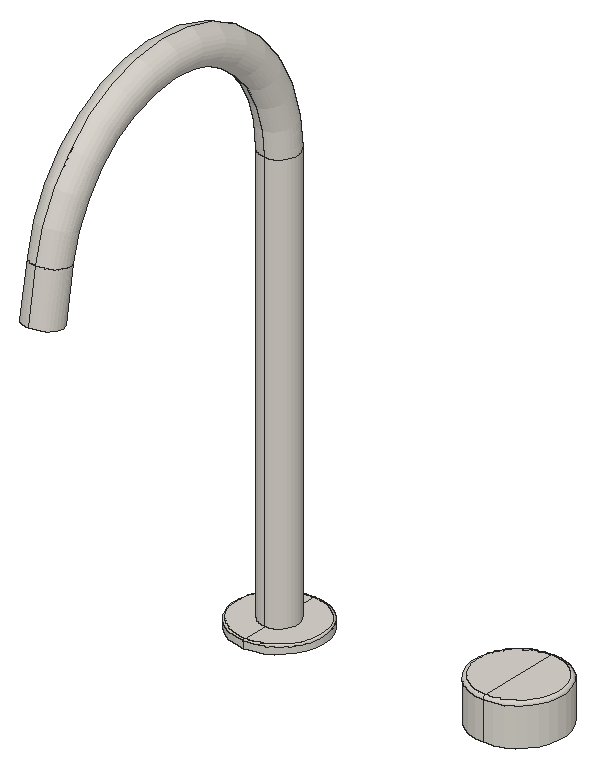
Revit family "MixerSet_Hob_Abey_PocoP_Basin_Tall_FaceBased", category Plumbing Fixtures, host Face, Revit 2019
Family settings
  Host = Face
  Round Connector Dimension = Use Diameter
  Part Type = Normal
  OmniClass Number = 23.31.11.19
  OmniClass Title = Faucet Mixing Valves
  Cut with Voids When Loaded = No
  Shared = No
  Room Calculation Point = No
Parameters (values of type "Brushed Nickel (63609-2101 + 63609-1001)")
  Waste Connection = no
  Vent Connection = no
  Uniclass2015Version = "Products v1.28"
  Uniclass2015Title = "Mixer taps"
  Uniclass2015Code = "Pr_40_20_87_55"
  URL = "https://www.abey.com.au/"
  Type Comments = "Brushed Nickel"
  ModifiedIssue = 20230628
  Model = "63609-2101 + 63609-1001"
  KnurledMaterial = Metal_Abey_BrushedNickel_Knurled
  BodyMaterial = Metal_Abey_BrushedNickel
  ManufacturerURLProductSpecific = ""
  ManufacturerSpecCode = Model  # "63609-2101 + 63609-1001"
  ManufacturerOverallWidth = 200 mm  # constant formula
  ManufacturerOverallHeight = 360 mm  # constant formula
  ManufacturerOverallDepth = 218 mm  # constant formula
  Manufacturer = "Abey"  # constant formula
  Keynote = ""
  IfcExportType = "FAUCET"
  IfcExportAs = "ifcValve"
  HW Connection = yes
  Description = ""
  Default Elevation = 218 mm
  CreatedByURL = "https://igsgroup.com.au"
  CreatedBy = "IGS BIM Solutions"  # constant formula
  Cost = 0
  CW Connection = yes
  Assembly Code = "C1030210"
Types (3, lengths in mm): name | Type Comments | KnurledMaterial | BodyMaterial
  Brushed Nickel (63609-2101 + 63609-1001) | "Brushed Nickel" | Metal_Abey_BrushedNickel_Knurled | Metal_Abey_BrushedNickel
  Brushed Brass (63609-2101 + 63609-1001) | "Brushed Brass" | Metal_Abey_Brass_Knurled | Metal_Abey_Brass
  Gun Metal (63609-2101 + 63609-1001) | "Gun Metal" | Metal_Abey_GunMetal_Knurled | Metal_Abey_GunMetal
Reference planes
  plane 1 "Center (Elevation)": y = -22.75
  plane 2 "Back": z = 0
  plane 3 "Center (Left/Right)": x = 18.07
  plane 4 "Bottom": y = -213.75
  plane 5 "Top": y = 4.25
  plane 6 "Left": x = -81.93
  plane 7 "Right": x = 118.07
  plane 8 "Front": z = 360
  plane 9 "Front2": x = -54.93
Forms (mm)
  Extrusion 1, void
    sketch origin (0, 0, 0) x (1, 0, 0) y (0, 1, 0)
      loop
        circle (-54.93, -22.75) r 16.081
    from 0 to -30
Text (mm)
  text "Disclaimer:\nDue to ongoing product development and manufacturing evolution, product details are subject to change without notice. Please refer to product technical data sheets on the manufacturers website for the most current product information. Please allow a +/- 5mm manufacturing tolerance for dimensions and set-outs shown in product literature." at (192.807, -29.501, 0), in view "Ref. Level"
Dimensions and locks
  "ManufacturerOverallHeight": plane 8 "Front" to plane 2 "Back"
  "ManufacturerOverallWidth": plane 6 "Left" to plane 7 "Right"
  "ManufacturerOverallDepth": plane 4 "Bottom" to plane 5 "Top"
  equal spacing: plane 6 "Left", plane 3 "Center (Left/Right)", plane 7 "Right"
  plane 1 "Center (Elevation)" to plane 5 "Top" = 27 mm
  aligned and locked: plane 2 "Back" to host face
  aligned and locked: level to host face
  aligned and locked: plane 3 "Center (Left/Right)" to nested 1
  aligned and locked: plane 1 "Center (Elevation)" to nested 1
  aligned and locked: nested 1 to host face
  aligned and locked: plane 9 "Front2" to Extrusion 1 sketch curve
  aligned and locked: nested 1 to Extrusion 1 sketch curve
Automatic sketch dimensions
  host sketch curve to host sketch curve = 200 mm
  host sketch curve to host sketch curve = 218 mm
  radius of Extrusion 1 sketch curve = 16.081 mm
Nested families
  nested 1: "z_MixerSet_Hob_Abey_PocoP_Basin_Tall" at (8.07, -173.25, -900), type "Type 1"
Connectors
  piping at (-47.58, -22.75, -1), diameter 12.7, driven by "CW Connection"
    settings: on nested 1, index 1, connector inside diameter 24", connector length 0 mm, flow factor 0, pipe flow 0.00 L/s, pressure drop 0 kPa, fitting loss kfactor 0, connector angle 0.00°, fixture units 0, engagement length 0 mm, angle of deflection 0.00°, flow configuration 2, flow direction 1, fitting loss method 0, system type 20, joint type 0, gender type 0, connector reference index -1, connector utility 1, adjustable connector no, is connector primary yes, connector description "Cold Water Supply"
  piping at (-62.28, -22.75, -1), diameter 12.7, driven by "HW Connection"
    settings: on nested 1, index 2, connector inside diameter 24", connector length 0 mm, flow factor 0, pipe flow 0.00 L/s, pressure drop 0 kPa, fitting loss kfactor 0, connector angle 0.00°, fixture units 0, engagement length 0 mm, angle of deflection 0.00°, flow configuration 2, flow direction 1, fitting loss method 0, system type 19, joint type 0, gender type 0, connector reference index -1, connector utility 1, adjustable connector no, is connector primary no, connector description "Hot Water Supply"
Definition of nested family "z_MixerSet_Hob_Abey_PocoP_Basin_Tall"
  Parameters (values of type "Type 1")
    Waste Connection = no
    Vent Connection = no
    Uniclass2015Version = ""
    Uniclass2015Title = ""
    Uniclass2015Code = ""
    URL = "https://www.abey.com.au/"
    Type Comments = ""
    ModifiedIssue = 0
    Model = ""
    ManufacturerURLProductSpecific = ""
    ManufacturerSpecCode = ""
    ManufacturerOverallWidth = 200 mm
    ManufacturerOverallHeight = 360 mm
    ManufacturerOverallDepth = 218 mm
    Manufacturer = "Abey"  # constant formula
    KnurledMaterial = none
    IfcExportType = ""
    IfcExportAs = ""
    HW Connection = yes
    Description = ""
    Default Elevation = 0 mm
    CreatedByURL = "https://igsgroup.com.au"
    CreatedBy = "IGS BIM Solutions"  # constant formula
    CW Connection = yes
    BodyMaterial = none
    Assembly Code = ""
  Reference planes
    plane 1 "Ref. Level": z = 0
    plane 2 "Left": x = -90
    plane 3 "Right": x = 110
    plane 4 "Back": y = 177.5
    plane 5 "Bottom": z = 900
    plane 6 "Top": z = 1260
    plane 7 "Center (Front/Back)": y = 150.5
    plane 8 "SpoutCenter (Left/Right)": x = -63
    plane 9 "HobCenter (Left/Right)": x = 83
    plane 10 "Center (Left/Right)": x = 10
    plane 11 "Front": y = -40.5
  Forms (mm)
    Revolve 1, solid, material <- "BodyMaterial"
      sketch origin (-63, 1161.962, 4000) x (0, 1, 0) y (0, 0, 1)
        loop
          line (-984.462, -3100) -> (-984.462, -3096)
          arc (-984.462, -3096) -> (-984.755, -3095.293) -> (-985.462, -3095) r 1
          line (-985.462, -3095) -> (-1011.462, -3095) -> (-1011.462, -3100) -> (-984.462, -3100)
        axis (-1011.462, -3100) -> (-1011.462, -3095)
      angle from 0 to 360
    Revolve 2, solid, material <- "BodyMaterial"
      sketch origin (83, 1161.962, 4000) x (0, 1, 0) y (0, 0, 1)
        loop
          line (-1011.462, -3100) -> (-984.462, -3100) -> (-984.462, -3077)
          arc (-984.462, -3077) -> (-985.048, -3075.586) -> (-986.462, -3075) r 2
          line (-986.462, -3075) -> (-1011.462, -3075) -> (-1011.462, -3100)
        axis (-1011.462, -3100) -> (-1011.462, -3075)
      angle from 0 to 360
    Sweep 3, solid, material <- "BodyMaterial"
      path origin (-63, 1161.962, 4000) x (0, 1, 0) y (0, 0, 1)
        loop
          line (-1011.462, -3095) -> (-1011.462, -2838.866)
          arc (-1011.462, -2838.866) -> (-1091.701, -2751.301) -> (-1185.926, -2823.602) r 87.9
          line (-1185.926, -2823.602) -> (-1191.462, -2855)
      profile origin (-63, 150.5, 1033.067) x (0, -1, 0) y (1, 0, 0)
        loop
          circle (0, 0) r 11
    Extrusion 4, solid, material <- "BodyMaterial"
      sketch origin (0, 0, 900) x (0, -1, 0) y (1, 0, 0)
        loop
          circle (-150.5, -70.35) r 6.35
        loop
          circle (-150.5, -55.65) r 6.35
      from 0 to -1
  Lines and regions (mm)
    Masking region 1
      outline origin (0, 0, 1260) x (0, -1, 0) y (1, 0, 0)
        loop
          arc (-125.842, -52) -> (-177.5, -63) -> (-125.842, -74) r 27
          line (-125.842, -74) -> (29.363, -74)
          arc (29.363, -74) -> (40.364, -63) -> (29.363, -52) r 11
          line (29.363, -52) -> (-125.842, -52)
        loop
          circle (-150.5, 83) r 27
    symbolic lines, detail levels medium+fine
      curve 1: arc (-74, 150.5, 1260) -> (-63, 161.5, 1260) -> (-52, 150.5, 1260) r 11
      curve 2: line (-74, 125.842, 1260) -> (-74, 150.5, 1260)
      curve 3: line (-52, 125.842, 1260) -> (-52, 150.5, 1260)
  Dimensions and locks
    "ManufacturerOverallWidth": plane 2 "Left" to plane 3 "Right"
    "ManufacturerOverallHeight": plane 6 "Top" to plane 5 "Bottom"
    plane 5 "Bottom" to plane 1 "Ref. Level" = 900 mm
    equal spacing: plane 2 "Left", plane 10 "Center (Left/Right)", plane 3 "Right"
    locked: plane 7 "Center (Front/Back)" to plane 4 "Back" at 27
    "ManufacturerOverallDepth": plane 11 "Front" to plane 4 "Back"
    aligned and locked: level to plane 1 "Ref. Level"
  Automatic sketch dimensions
    plane 5 "Bottom" to Revolve 2 sketch curve = 0 mm
    Revolve 2 sketch curve to plane 7 "Center (Front/Back)" = 0 mm  (x2)
    Revolve 2 sketch curve to plane 4 "Back" = 0 mm
    Revolve 2 sketch curve to plane 4 "Back" = 2 mm
    Revolve 2 sketch curve to Revolve 2 sketch curve = 23 mm
    Revolve 2 sketch curve to Revolve 2 sketch curve = 11.447 mm
    Revolve 2 sketch curve to Revolve 2 sketch curve = 5.547 mm
    plane 7 "Center (Front/Back)" to curve 3 = 0 mm
    curve 1 to plane 8 "SpoutCenter (Left/Right)" = 0 mm
    plane 7 "Center (Front/Back)" to curve 3 = 24.658 mm
    plane 7 "Center (Front/Back)" to curve 2 = 24.658 mm
    plane 8 "SpoutCenter (Left/Right)" to curve 3 = 11 mm
    plane 7 "Center (Front/Back)" to Extrusion 4 sketch curve = 0 mm  (x2)
    Extrusion 4 sketch curve to plane 8 "SpoutCenter (Left/Right)" = 7.35 mm
    plane 8 "SpoutCenter (Left/Right)" to Extrusion 4 sketch curve = 7.35 mm
    Sweep 3 sketch curve to plane 8 "SpoutCenter (Left/Right)" = 0 mm
    Sweep 3 sketch curve to profile plane = 0 mm
    plane 7 "Center (Front/Back)" to Masking region 1 sketch curve = 0 mm  (x2)
    Masking region 1 sketch curve to plane 9 "HobCenter (Left/Right)" = 0 mm
    Masking region 1 sketch curve to plane 8 "SpoutCenter (Left/Right)" = 11 mm
    plane 7 "Center (Front/Back)" to Masking region 1 sketch curve = 24.658 mm
    plane 8 "SpoutCenter (Left/Right)" to Masking region 1 sketch curve = 11 mm
    Masking region 1 sketch curve to Masking region 1 sketch curve = 0 mm
    Sweep 3 sketch curve to plane 7 "Center (Front/Back)" = 0 mm
    Sweep 3 sketch curve to Sweep 3 sketch curve = 86.564 mm
    Sweep 3 sketch curve to plane 5 "Bottom" = 5 mm
    Sweep 3 sketch curve to Sweep 3 sketch curve = 87.9 mm
    plane 6 "Top" to Sweep 3 sketch curve = 98.866 mm
    Sweep 3 sketch curve to Sweep 3 sketch curve = 31.398 mm
    Sweep 3 sketch curve to plane 11 "Front" = 11 mm
    Masking region 1 sketch curve to plane 11 "Front" = 11.137 mm
    plane 5 "Bottom" to Revolve 1 sketch curve = 0 mm  (x2)
    Revolve 1 sketch curve to plane 7 "Center (Front/Back)" = 0 mm  (x2)
    Revolve 1 sketch curve to plane 4 "Back" = 0 mm
    plane 4 "Back" to Revolve 1 sketch curve = 1 mm
    Revolve 1 sketch curve to plane 5 "Bottom" = 4 mm
    Revolve 1 sketch curve to Revolve 1 sketch curve = 95 mm
    radius of Extrusion 4 sketch curve = 6.35 mm  (x2)
    radius of Sweep 3 sketch curve = 11 mm
    radius of Masking region 1 sketch curve = 27 mm
